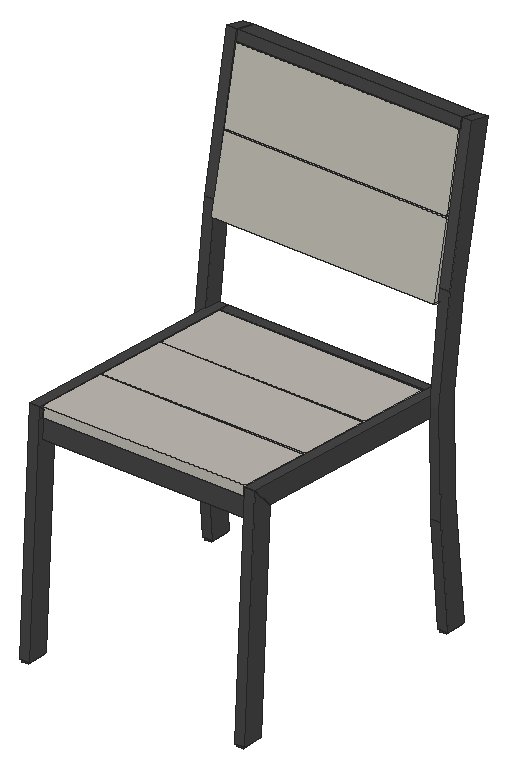
Revit family "Plymold-Aurora-Chair", category Furniture, Revit 2022
Family settings
  OmniClass Number = 23.40.20.00
  OmniClass Title = General Furniture and Specialties
  Work Plane-Based = No
  Always vertical = Yes
  Cut with Voids When Loaded = No
  Render Appearance Source = Family Geometry
  Shared = Yes
  Room Calculation Point = No
Parameters (values of type "6661PL03")
  Width = 18 1/2"
  URL = "https://plymold.com/"
  Type Comments = "Aurora"  # constant formula
  Sustainability = "https://plymold.com/plymolds-sustainability-efforts/"
  SEAT MATERIAL = PLY - Sand
  Revit Model Built By = "https://www.servex-us.com/servex-revit/"
  Product Documentation Link = "https://plymold.com/product/aurora-outdoor-chair/"
  Model = "6661PL03"
  Manufacturer = "Plymold Inc."  # constant formula
  Keynote = "12500"  # constant formula
  Height = 33 179/256"
  GLIDE RUBBER MATERIAL = PLY - Plastic Black
  FRAME MATERIAL = PLY - Onyx Black Powdercoat
  Description = "Outdoor Chair - Onyx Black - 18.25\"W x 22\"D x 33.7\"H"
  Depth = 22"
  Default Elevation = 0"
  BACK MATERIAL = PLY - Sand
  Assembly Code = "E2020200"
Types (3): name | Model | FRAME MATERIAL | Description
  (no name) | "6661PL03" | PLY - Onyx Black Powdercoat | "Outdoor Chair - Onyx Black - 18.25\"W x 22\"D x 33.7\"H"
  6661PL03 | "6661PL03" | PLY - Onyx Black Powdercoat | "Outdoor Chair - Onyx Black - 18.25\"W x 22\"D x 33.7\"H"
  6661PL02 | "6661PL02" | PLY - Iron Glimme Powdercoat | "Outdoor Chair - Iron Glimme - 18.25\"W x 22\"D x 33.7\"H"
Reference planes (in)
  plane 1: z = 0
  plane 2 "Left": x = 0
  plane 3 "Right": x = 18.5
  plane 4: y = -32.19296
  plane 5 "B": y = -10.19296
  plane 6 "Center (Left/Right)": x = 9.25
  plane 7 "Center (Front/Back)": y = -21.19296
  plane 8: z = 33.69922
Forms (in)
  Extrusion 1, solid, material "PLY - Onyx Black Powdercoat" <- "FRAME MATERIAL"
    sketch origin (0, 0, 0) x (0, 1, 0) y (0, 0, 1)
      loop
        line (-11.66089, 33.80418) -> (-13.78029, 23.16501)
        arc (-13.78029, 23.16501) -> (-14.74016, 15.56654) -> (-14.6154, 7.90869) r 54
        line (-14.6154, 7.90869) -> (-13.91391, -0.10938) -> (-12.41276, -0.05696) -> (-13.23537, 9.34553)
        arc (-13.23537, 9.34553) -> (-13.3283, 16.14456) -> (-12.42302, 22.88368) r 46.23535
        line (-12.42302, 22.88368) -> (-10.19296, 33.4957) -> (-11.66089, 33.80418)
    from 0 to 0.75
  Extrusion 2, solid, material "PLY - Onyx Black Powdercoat" <- "FRAME MATERIAL"
    sketch origin (18.5, 0, 0) x (0, 1, 0) y (0, 0, -1)
      loop
        line (-11.66089, -33.80418) -> (-10.19296, -33.4957) -> (-12.42302, -22.88368)
        arc (-12.42302, -22.88368) -> (-13.3283, -16.14456) -> (-13.23537, -9.34553) r 46.23535
        line (-13.23537, -9.34553) -> (-12.41276, 0.05696) -> (-13.91391, 0.10938) -> (-14.6154, -7.90869)
        arc (-14.6154, -7.90869) -> (-14.74016, -15.56654) -> (-13.78029, -23.16501) r 54
        line (-13.78029, -23.16501) -> (-11.66089, -33.80418)
    from 0 to 0.75
  Extrusion 3, solid, material "PLY - Onyx Black Powdercoat" <- "FRAME MATERIAL"
    sketch origin (0, 0, 0) x (0, 1, 0) y (0, 0, 1)
      loop
        line (-13.51529, 16.18426) -> (-31.26905, 17.11309) -> (-29.84961, 15.53418) -> (-13.59379, 14.68372) -> (-13.51529, 16.18426)
    from 0.75 to 1.5
  Extrusion 4, solid, material "PLY - Onyx Black Powdercoat" <- "FRAME MATERIAL"
    sketch origin (0, 0.02557, 0.06501) x (0, 1, 0) y (0, 0, 1)
      loop
        line (-29.87518, 15.46917) -> (-31.29378, 17.0447) -> (-32.20701, -0.18666) -> (-30.70911, -0.26605) -> (-29.87518, 15.46917)
    from 0.75 to 1.5
  Extrusion 5, solid, material "PLY - Onyx Black Powdercoat" <- "FRAME MATERIAL"
    sketch origin (18.5, 0, 0) x (0, 1, 0) y (0, 0, -1)
      loop
        line (-13.51529, -16.18167) -> (-13.59379, -14.68135) -> (-29.84961, -15.53193) -> (-31.26905, -17.11063) -> (-13.51529, -16.18167)
    from 0.75 to 1.5
  Extrusion 6, solid, material "PLY - Onyx Black Powdercoat" <- "FRAME MATERIAL"
    sketch origin (18.5, 0.02557, 0.06501) x (0, 1, 0) y (0, 0, -1)
      loop
        line (-29.87518, -15.46917) -> (-30.70611, 0.20934) -> (-32.204, 0.12996) -> (-31.29378, -17.0447) -> (-29.87518, -15.46917)
    from 0.75 to 1.5
  Extrusion 7, solid, material "PLY - Sand" <- "SEAT MATERIAL"
    sketch origin (94.3125, -179.9324, 20.66913) x (1, 0, 0) y (0, -0.99863, 0.052336)
      loop
        arc (-92.75, -154.20475) -> (-92.71338, -154.29308) -> (-92.625, -154.32958) r 0.12483
        line (-92.625, -154.32958) -> (-77.4999, -154.32958)
        arc (-77.4999, -154.32958) -> (-77.41152, -154.29308) -> (-77.3749, -154.20475) r 0.12483
        line (-77.3749, -154.20475) -> (-77.3749, -148.96194)
        arc (-77.3749, -148.96194) -> (-77.41152, -148.87362) -> (-77.4999, -148.83712) r 0.12483
        line (-77.4999, -148.83712) -> (-92.625, -148.83712)
        arc (-92.625, -148.83712) -> (-92.71338, -148.87362) -> (-92.75, -148.96194) r 0.12483
        line (-92.75, -148.96194) -> (-92.75, -154.20475)
      loop
        arc (-92.75, -159.82204) -> (-92.71338, -159.91037) -> (-92.625, -159.94687) r 0.12483
        line (-92.625, -159.94687) -> (-77.4999, -159.94687)
        arc (-77.4999, -159.94687) -> (-77.41152, -159.91037) -> (-77.3749, -159.82204) r 0.12483
        line (-77.3749, -159.82204) -> (-77.3749, -154.57924)
        arc (-77.3749, -154.57924) -> (-77.41152, -154.49091) -> (-77.4999, -154.45441) r 0.12483
        line (-77.4999, -154.45441) -> (-92.625, -154.45441)
        arc (-92.625, -154.45441) -> (-92.71338, -154.49091) -> (-92.75, -154.57924) r 0.12483
        line (-92.75, -154.57924) -> (-92.75, -159.82204)
      loop
        arc (-92.75, -165.43933) -> (-92.71338, -165.52766) -> (-92.625, -165.56416) r 0.12483
        line (-92.625, -165.56416) -> (-77.4999, -165.56416)
        arc (-77.4999, -165.56416) -> (-77.41152, -165.52766) -> (-77.3749, -165.43933) r 0.12483
        line (-77.3749, -165.43933) -> (-77.3749, -160.19653)
        arc (-77.3749, -160.19653) -> (-77.41152, -160.1082) -> (-77.4999, -160.0717) r 0.12483
        line (-77.4999, -160.0717) -> (-92.625, -160.0717)
        arc (-92.625, -160.0717) -> (-92.71338, -160.1082) -> (-92.75, -160.19653) r 0.12483
        line (-92.75, -160.19653) -> (-92.75, -165.43933)
    from -4.22755 to -3.47755
  Extrusion 8, solid, material "PLY - Onyx Black Powdercoat" <- "FRAME MATERIAL"
    sketch origin (0, 0, 0) x (0, 1, 0) y (0, 0, 1)
      loop
        line (-13.51529, 16.18167) -> (-14.26426, 16.22092) -> (-14.34276, 14.72298) -> (-13.59379, 14.68372) -> (-13.51529, 16.18167)
    from 1.5 to 17
  Extrusion 9, solid, material "PLY - Sand" <- "BACK MATERIAL"
    sketch origin (94.3125, -42.11035, -129.78918) x (1, 0, 0) y (0, -0.207912, -0.978148)
      loop
        arc (-93.5, -159.82204) -> (-93.46344, -159.91031) -> (-93.37517, -159.94687) r 0.12483
        line (-93.37517, -159.94687) -> (-76.74983, -159.94687)
        arc (-76.74983, -159.94687) -> (-76.66156, -159.91031) -> (-76.625, -159.82204) r 0.12483
        line (-76.625, -159.82204) -> (-76.625, -154.57924)
        arc (-76.625, -154.57924) -> (-76.66156, -154.49097) -> (-76.74983, -154.45441) r 0.12483
        line (-76.74983, -154.45441) -> (-93.37517, -154.45441)
        arc (-93.37517, -154.45441) -> (-93.46344, -154.49097) -> (-93.5, -154.57924) r 0.12483
        line (-93.5, -154.57924) -> (-93.5, -159.82204)
      loop
        arc (-93.5, -165.43933) -> (-93.46344, -165.5276) -> (-93.37517, -165.56416) r 0.12483
        line (-93.37517, -165.56416) -> (-76.74983, -165.56416)
        arc (-76.74983, -165.56416) -> (-76.66156, -165.5276) -> (-76.625, -165.43933) r 0.12483
        line (-76.625, -165.43933) -> (-76.625, -160.19653)
        arc (-76.625, -160.19653) -> (-76.66156, -160.10826) -> (-76.74983, -160.0717) r 0.12483
        line (-76.74983, -160.0717) -> (-93.37517, -160.0717)
        arc (-93.37517, -160.0717) -> (-93.46344, -160.10826) -> (-93.5, -160.19653) r 0.12483
        line (-93.5, -160.19653) -> (-93.5, -165.43933)
    from -4.22755 to -3.47755
  Extrusion 10, solid, material "PLY - Onyx Black Powdercoat" <- "FRAME MATERIAL"
    sketch origin (0, -16.67032, 0.12263) x (0, 1, 0) y (0, 0, 1)
      loop
        line (-13.54337, 16.18167) -> (-14.29235, 16.22092) -> (-14.37085, 14.72298) -> (-13.62188, 14.68372) -> (-13.54337, 16.18167)
    from 1.5 to 17
  Extrusion 11, solid, material "PLY - Onyx Black Powdercoat" <- "FRAME MATERIAL"
    sketch origin (0, 2.91314, 17.37134) x (0, 1, 0) y (0, 0, 1)
      loop
        line (-14.56633, 16.43121) -> (-14.72057, 15.69724) -> (-13.26033, 15.39038) -> (-13.10609, 16.12435) -> (-14.56633, 16.43121)
    from 0.75 to 17.75
  Extrusion 12, solid, material "PLY - Plastic Black" <- "GLIDE RUBBER MATERIAL"
    sketch origin (0, 0, 0) x (1, 0, 0) y (0, 1, 0)
      loop
        line (0.125, -13.91552) -> (0.625, -13.91552) -> (0.625, -12.45729) -> (0.125, -12.45729) -> (0.125, -13.91552)
      loop
        line (17.875, -13.91552) -> (18.375, -13.91552) -> (18.375, -12.45729) -> (17.875, -12.45729) -> (17.875, -13.91552)
      loop
        line (0.875, -32.15517) -> (1.375, -32.15517) -> (1.375, -30.69453) -> (0.875, -30.69453) -> (0.875, -32.15517)
      loop
        line (17.6251, -32.15517) -> (17.6251, -30.69453) -> (17.1251, -30.69453) -> (17.1251, -32.15517) -> (17.6251, -32.15517)
    from 0 to 0.125
  Extrusion 13, void
    sketch origin (0, 0, 0) x (0, 1, 0) y (0, 0, 1)
      loop
        line (-11.88485, 0.125) -> (-32.63485, 0.125) -> (-32.63485, -0.21252) -> (-11.88485, -0.21252) -> (-11.88485, 0.125)
    from -0.3853 to 18.83969
Cuts and joins
  Extrusion 13 cuts Extrusion 1
  Extrusion 13 cuts Extrusion 2
  Extrusion 13 cuts Extrusion 4
  Extrusion 13 cuts Extrusion 6
Lines and regions (in)
  symbolic lines
    curve 1: line (0, -10.19296, 40.813) -> (0, -14.82088, 40.813)
    curve 2: line (0, -14.82088, 40.813) -> (0.75, -14.82088, 40.813)
    curve 3: line (0.75, -10.19296, 40.813) -> (0.75, -32.16739, 40.813)
    curve 4: line (0.75, -32.16739, 40.813) -> (1.5, -32.16739, 40.813)
    curve 5: line (1.5, -32.16739, 40.813) -> (1.5, -14.11859, 40.813)
    curve 6: line (0, -11.66089, 40.813) -> (18.5, -11.66089, 40.813)
    curve 7: line (18.5, -10.19296, 40.813) -> (0, -10.19296, 40.813)
    curve 8: line (17.75, -10.19296, 40.813) -> (17.7501, -32.16739, 40.813)
    curve 9: line (17.7501, -32.16739, 40.813) -> (17.0001, -32.16739, 40.813)
    curve 10: line (17.0001, -32.16739, 40.813) -> (17.0001, -14.11859, 40.813)
    curve 11: line (17.6876, -14.11859, 40.813) -> (0.8125, -14.11859, 40.813)
    curve 12: line (0.8125, -14.11859, 40.813) -> (0.8125, -11.80743, 40.813)
    curve 13: line (0.75, -11.80743, 40.813) -> (17.75001, -11.80743, 40.813)
    curve 14: line (17.6876, -11.8347, 40.813) -> (17.6876, -14.11859, 40.813)
    curve 15: line (17.6876, -12.97665, 40.813) -> (0.8125, -12.97665, 40.813)
    curve 16: line (16.9376, -14.49855, 40.813) -> (16.9376, -19.77342, 40.813)
    curve 17: line (1.6875, -19.89808, 40.813) -> (16.8126, -19.89808, 40.813)
    curve 18: line (1.5625, -19.77342, 40.813) -> (1.5625, -14.49855, 40.813)
    curve 19: line (1.6875, -14.37389, 40.813) -> (16.8126, -14.37389, 40.813)
    curve 20: arc (16.8126, -14.37389, 40.813) -> (16.90087, -14.41038, 40.813) -> (16.9376, -14.49855, 40.813) r 0.125
    curve 21: line (16.9376, -20.10814, 40.813) -> (16.9376, -25.38301, 40.813)
    curve 22: line (1.6875, -25.50767, 40.813) -> (16.8126, -25.50767, 40.813)
    curve 23: line (1.5625, -25.38301, 40.813) -> (1.5625, -20.10814, 40.813)
    curve 24: arc (1.5625, -20.10814, 40.813) -> (1.59913, -20.01987, 40.813) -> (1.6875, -19.98348, 40.813) r 0.12466
    curve 25: line (1.6875, -19.98348, 40.813) -> (16.8126, -19.98348, 40.813)
    curve 26: arc (16.8126, -19.98348, 40.813) -> (16.90087, -20.01997, 40.813) -> (16.9376, -20.10814, 40.813) r 0.125
    curve 27: line (16.9376, -25.67848, 40.813) -> (16.9376, -30.9926, 40.813)
    curve 28: line (1.6875, -31.11726, 40.813) -> (16.8126, -31.11726, 40.813)
    curve 29: line (1.5625, -30.9926, 40.813) -> (1.5625, -25.67848, 40.813)
    curve 30: arc (1.5625, -25.67848, 40.813) -> (1.59913, -25.59021, 40.813) -> (1.6875, -25.55382, 40.813) r 0.12466
    curve 31: line (1.6875, -25.55382, 40.813) -> (16.8126, -25.55382, 40.813)
    curve 32: arc (16.8126, -25.55382, 40.813) -> (16.90087, -25.59031, 40.813) -> (16.9376, -25.67848, 40.813) r 0.125
    curve 33: line (0.75, -31.26821, 40.813) -> (1.5, -31.26821, 40.813)
    curve 34: line (17.0001, -31.26905, 40.813) -> (17.7501, -31.26905, 40.813)
    curve 35: line (18.5, -10.19296, 40.813) -> (18.5, -14.82088, 40.813)
    curve 36: line (18.5, -14.82088, 40.813) -> (17.75002, -14.82088, 40.813)
    curve 37: arc (1.5625, -14.49855, 40.813) -> (1.59913, -14.41028, 40.813) -> (1.6875, -14.37389, 40.813) r 0.12466
    curve 38: arc (1.68704, -19.89796, 40.813) -> (1.59898, -19.86148, 40.813) -> (1.5625, -19.77342, 40.813) r 0.12454
    curve 39: arc (16.8126, -19.89808, 40.813) -> (16.90087, -19.86158, 40.813) -> (16.9376, -19.77342, 40.813) r 0.125
    curve 40: arc (16.8126, -25.50767, 40.813) -> (16.90087, -25.47118, 40.813) -> (16.9376, -25.38301, 40.813) r 0.125
    curve 41: arc (1.6875, -25.50767, 40.813) -> (1.59913, -25.47128, 40.813) -> (1.5625, -25.38301, 40.813) r 0.12466
    curve 42: arc (16.8126, -31.11726, 40.813) -> (16.90087, -31.08077, 40.813) -> (16.9376, -30.9926, 40.813) r 0.125
    curve 43: arc (1.6875, -31.11726, 40.813) -> (1.59913, -31.08087, 40.813) -> (1.5625, -30.9926, 40.813) r 0.12466
Dimensions and locks (in)
  "Width": plane 2 "Left" to plane 3 "Right"
  equal spacing: plane 5 "B", plane 7 "Center (Front/Back)", plane 4
  "Depth": plane 4 to plane 5 "B"
  equal spacing: plane 2 "Left", plane 6 "Center (Left/Right)", plane 3 "Right"
  "Height": plane 8 to plane 1
  Extrusion 12 sketch curve to Extrusion 12 sketch curve to plane 7 "Center (Front/Back)" to Extrusion 12 sketch curve to Extrusion 12 sketch curve = 1.45823" locked, 7.27744", 9.50157", 1.46064"
  Extrusion 12 sketch curve to Extrusion 12 sketch curve to plane 7 "Center (Front/Back)" to Extrusion 12 sketch curve to Extrusion 12 sketch curve = 1.46064" locked, 9.50157" locked, 7.27744" locked, 1.45823" locked
  Extrusion 13 sketch curve to plane 1 to Extrusion 13 sketch curve = 1/8" locked, 0.21252" locked
  Extrusion 13 sketch curve to plane 7 "Center (Front/Back)" to Extrusion 13 sketch curve = 9.30811" locked, 11.44189" locked
  Extrusion 1 sketch curve to Extrusion 1 sketch curve to plane 7 "Center (Front/Back)" = 6.35508" locked, 54.01699" locked
  Extrusion 1 sketch curve to Extrusion 1 sketch curve to plane 1 = 0.76011" locked, 12.6151" locked
  Extrusion 1 sketch curve to Extrusion 1 sketch curve to plane 7 "Center (Front/Back)" = 1.46794" locked, 9.53206" locked
  Extrusion 1 sketch curve to Extrusion 1 sketch curve to plane 7 "Center (Front/Back)" = 1.50114" locked, 7.27905" locked
  Extrusion 2 sketch curve to Extrusion 2 sketch curve to plane 7 "Center (Front/Back)" = 6.35508" locked, 54.01699" locked
  Extrusion 2 sketch curve to Extrusion 2 sketch curve to plane 1 = 0.76011" locked, 12.6151" locked
  Extrusion 11 sketch curve to Extrusion 11 sketch curve to Extrusion 11 sketch curve to Extrusion 11 sketch curve to plane 7 "Center (Front/Back)" = 0.15424" locked, 1.30599" locked, 0.15424" locked, 9.38553" locked
  Extrusion 11 sketch curve to Extrusion 11 sketch curve to Extrusion 11 sketch curve to Extrusion 11 sketch curve to plane 1 = 0.30686" locked, 0.42711" locked, 0.30686" locked, 32 195/256" locked
  Extrusion 12 sketch curve to Extrusion 12 sketch curve to plane 6 "Center (Left/Right)" to Extrusion 12 sketch curve to Extrusion 12 sketch curve = 1/2" locked, 8 5/8" locked, 8 5/8" locked, 1/2" locked
  Extrusion 12 sketch curve to Extrusion 12 sketch curve to plane 6 "Center (Left/Right)" to Extrusion 12 sketch curve to Extrusion 12 sketch curve = 1/2" locked, 7 7/8" locked, 7.8751" locked, 1/2" locked
  Extrusion 10 sketch curve to Extrusion 10 sketch curve to Extrusion 10 sketch curve to Extrusion 10 sketch curve to plane 4 = 0.0785" locked, 0.67047" locked, 0.0785" locked, 1.15178" locked
  Extrusion 10 sketch curve to Extrusion 10 sketch curve to Extrusion 10 sketch curve to Extrusion 10 sketch curve to plane 1 = 0.03925" locked, 1.45869" locked, 0.03925" locked, 14.80635" locked
  Extrusion 8 sketch curve to Extrusion 8 sketch curve to Extrusion 8 sketch curve to Extrusion 8 sketch curve to plane 1 = 0.03925" locked, 1.45869" locked, 0.03925" locked, 14.68372" locked
  Extrusion 8 sketch curve to Extrusion 8 sketch curve to Extrusion 8 sketch curve to Extrusion 8 sketch curve to plane 7 "Center (Front/Back)" = 0.0785" locked, 0.67047" locked, 0.0785" locked, 6.85019" locked
  Extrusion 7 sketch curve to plane 6 "Center (Left/Right)" to Extrusion 7 sketch curve = 7.56267" locked, 7.56277" locked  (x5)
  Extrusion 7 sketch curve to plane 6 "Center (Left/Right)" to curve 26 = 7.56267" locked, 7.5626" locked
  Extrusion 7 sketch curve to Extrusion 7 sketch curve to Extrusion 7 sketch curve to plane 7 "Center (Front/Back)" to Extrusion 7 sketch curve to Extrusion 7 sketch curve to Extrusion 7 sketch curve = 5.23562" locked, 0.37397" locked, 4.37206" locked, 0.86356" locked, 0.37397" locked, 5.23562" locked  (x2)
  aligned and locked: level to plane 1
  aligned and locked: Extrusion 11 to Extrusion 1
  aligned and locked: Extrusion 11 to Extrusion 2
  aligned and locked: Extrusion 12 to Extrusion 12  (x3)
Automatic sketch dimensions
  Extrusion 1 sketch curve to level = 0.05696"
  Extrusion 1 sketch curve to Extrusion 1 sketch curve = 0.82261"
  Extrusion 1 sketch curve to Extrusion 1 sketch curve = 1.35727"
  Extrusion 1 sketch curve to level = 7/64"
  Extrusion 1 sketch curve to Extrusion 1 sketch curve = 1.38002"
  Extrusion 2 sketch curve to plane 5 "B" = 0"
  plane 5 "B" to Extrusion 2 sketch curve = 1.46794"
  Extrusion 2 sketch curve to level = 0.05696"
  Extrusion 2 sketch curve to Extrusion 2 sketch curve = 0.82261"
  Extrusion 2 sketch curve to Extrusion 2 sketch curve = 1.35727"
  Extrusion 2 sketch curve to level = 7/64"
  Extrusion 2 sketch curve to Extrusion 2 sketch curve = 1.50114"
  Extrusion 2 sketch curve to Extrusion 2 sketch curve = 1.38002"
  plane 4 to Extrusion 3 sketch curve = 0.92391"
  Extrusion 3 sketch curve to Extrusion 3 sketch curve = 1.41944"
  plane 5 "B" to Extrusion 3 sketch curve = 3.40083"
  Extrusion 3 sketch curve to Extrusion 3 sketch curve = 0.0785"
  plane 4 to Extrusion 4 sketch curve = 0.01152"
  plane 4 to Extrusion 4 sketch curve = 0.92474"
  Extrusion 4 sketch curve to level = 0.20104"
  Extrusion 4 sketch curve to Extrusion 4 sketch curve = 1.4979"
  Extrusion 4 sketch curve to Extrusion 4 sketch curve = 1.41861"
  Extrusion 4 sketch curve to level = 0.12165"
  plane 4 to Extrusion 5 sketch curve = 0.92391"
  Extrusion 5 sketch curve to Extrusion 5 sketch curve = 1.41944"
  plane 5 "B" to Extrusion 5 sketch curve = 3.40083"
  Extrusion 5 sketch curve to Extrusion 5 sketch curve = 0.0785"
  plane 4 to Extrusion 6 sketch curve = 0.01452"
  plane 4 to Extrusion 6 sketch curve = 0.92474"
  Extrusion 6 sketch curve to level = 0.14433"
  Extrusion 6 sketch curve to Extrusion 6 sketch curve = 1.4979"
  Extrusion 6 sketch curve to Extrusion 6 sketch curve = 1.41861"
  Extrusion 6 sketch curve to level = 0.06495"
  Extrusion 7 sketch curve to Extrusion 7 sketch curve = 0"  (x5)
  Extrusion 7 sketch curve to Extrusion 7 sketch curve = 0.12483"  (x7)
  Extrusion 7 sketch curve to Extrusion 7 sketch curve = 0.00017"  (x9)
  Extrusion 7 sketch curve to Extrusion 7 sketch curve = 5.24281"  (x3)
  Extrusion 2 sketch curve to Extrusion 2 sketch curve = 1.43684"
  level to Extrusion 3 sketch curve = 14.68372"
  level to Extrusion 3 sketch curve = 15.53418"
  level to Extrusion 5 sketch curve = 17.11063"
  level to Extrusion 5 sketch curve = 16.18167"
  plane 2 "Left" to Extrusion 9 sketch curve = 13/16"
  Extrusion 9 sketch curve to Extrusion 9 sketch curve = 0"  (x2)
  Extrusion 9 sketch curve to Extrusion 9 sketch curve = 0.12483"  (x7)
  plane 3 "Right" to Extrusion 9 sketch curve = 0.93733"  (x3)
  Extrusion 9 sketch curve to Extrusion 9 sketch curve = 5.2428"  (x2)
  curve 36 to plane 3 "Right" = 0"
  curve 1 to plane 2 "Left" = 0"
  plane 5 "B" to curve 3 = 0"
  plane 3 "Right" to curve 14 = 0.8124"
  plane 5 "B" to curve 14 = 3.92564"
  curve 19 to curve 10 = 0.25529"
  curve 16 to curve 20 = 0.12466"
  curve 18 to curve 37 = 0.12466"
  curve 20 to curve 20 = 1/8"
  curve 35 to curve 11 = 0.70229"
  curve 2 to curve 11 = 0.70229"
  plane 7 "Center (Front/Back)" to curve 39 = 1.41988"
  plane 7 "Center (Front/Back)" to curve 18 = 1.41954"
  curve 16 to curve 39 = 0.00034"
  curve 17 to curve 39 = 1/8"
  curve 25 to curve 17 = 0.08541"
  curve 23 to curve 24 = 0.12466"
  curve 21 to curve 26 = 0.12466"
  curve 26 to curve 21 = 0.00034"
  curve 40 to plane 7 "Center (Front/Back)" = 4.18971"
  plane 2 "Left" to curve 23 = 1 9/16"
  curve 23 to plane 7 "Center (Front/Back)" = 4.19005"
  curve 21 to curve 40 = 0.00034"
  curve 22 to curve 41 = 0.12466"
  curve 31 to curve 41 = 0.04615"
  curve 29 to curve 30 = 0.12466"
  curve 27 to curve 32 = 0.12466"
  curve 32 to curve 31 = 1/8"
  curve 27 to curve 42 = 0.00034"
  plane 4 to curve 43 = 1.20035"
  curve 28 to curve 42 = 1/8"
  plane 4 to curve 4 = 0.02557"
  plane 4 to curve 8 = 0.02557"
  plane 3 "Right" to curve 8 = 0.7499"
  curve 8 to curve 9 = 3/4"
  plane 3 "Right" to curve 21 = 1.5624"
  curve 27 to curve 40 = 1/8"
  curve 16 to curve 26 = 1/8"
  curve 31 to curve 41 = 1/8"
  curve 25 to curve 24 = 1/8"
  plane 2 "Left" to curve 19 = 1 11/16"
  curve 22 to curve 30 = 0"
  curve 30 to curve 30 = 0.00034"
  curve 43 to curve 29 = 0.12466"
  curve 37 to curve 37 = 0.00034"
  curve 38 to curve 38 = 0.12454"
  curve 29 to curve 4 = 1/16"
  curve 5 to curve 12 = 11/16"
  plane 2 "Left" to curve 4 = 3/4"
  plane 5 "B" to curve 6 = 1.46794"
  curve 12 to curve 6 = 0.14653"
  curve 14 to curve 13 = 0.02727"
  curve 11 to curve 15 = 1.14195"
  curve 33 to curve 43 = 0.27561"
  curve 34 to curve 42 = 0.15179"
  curve 34 to curve 34 = 3/4"
  curve 17 to curve 38 = 0.00046"
  curve 43 to curve 43 = 0.00034"
